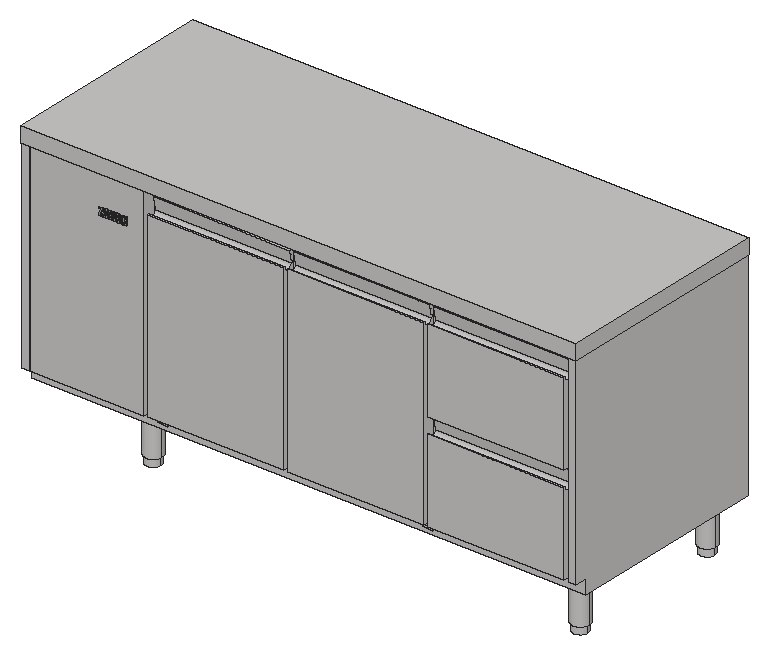
Revit family "QF_ZANUSSI_111041_ZH3HBAAB", category Specialty Equipment, Revit 2018 (continued)
Definition of nested family "ZAN_Cooling Unit"
  Lines and regions (mm)
    Split face 125
      outline origin (55.016, 2, -245.129) x (0, 0, 1) y (-1, 0, 0)
        loop
          arc (510.649, 158.547) -> (506.648, 162.548) -> (502.647, 158.547) r 4.001
          line (502.647, 158.547) -> (502.647, 116.535)
          arc (502.647, 116.535) -> (506.648, 112.533) -> (510.649, 116.535) r 4.001
          line (510.649, 116.535) -> (510.649, 158.547)
    Split face 126
      outline origin (55.016, 2, -257.133) x (0, 0, 1) y (-1, 0, 0)
        loop
          arc (510.649, 158.547) -> (506.648, 162.548) -> (502.647, 158.547) r 4.001
          line (502.647, 158.547) -> (502.647, 116.535)
          arc (502.647, 116.535) -> (506.648, 112.533) -> (510.649, 116.535) r 4.001
          line (510.649, 116.535) -> (510.649, 158.547)
    Split face 127
      outline origin (55.016, 2, -269.136) x (0, 0, 1) y (-1, 0, 0)
        loop
          arc (510.649, 158.547) -> (506.648, 162.548) -> (502.647, 158.547) r 4.001
          line (502.647, 158.547) -> (502.647, 116.535)
          arc (502.647, 116.535) -> (506.648, 112.533) -> (510.649, 116.535) r 4.001
          line (510.649, 116.535) -> (510.649, 158.547)
    Split face 128
      outline origin (55.016, 2, -281.14) x (0, 0, 1) y (-1, 0, 0)
        loop
          arc (510.649, 158.547) -> (506.648, 162.548) -> (502.647, 158.547) r 4.001
          line (502.647, 158.547) -> (502.647, 116.535)
          arc (502.647, 116.535) -> (506.648, 112.533) -> (510.649, 116.535) r 4.001
          line (510.649, 116.535) -> (510.649, 158.547)
    Split face 129
      outline origin (55.016, 2, -293.144) x (0, 0, 1) y (-1, 0, 0)
        loop
          arc (510.649, 158.547) -> (506.648, 162.548) -> (502.647, 158.547) r 4.001
          line (502.647, 158.547) -> (502.647, 116.535)
          arc (502.647, 116.535) -> (506.648, 112.533) -> (510.649, 116.535) r 4.001
          line (510.649, 116.535) -> (510.649, 158.547)
    Split face 130
      outline origin (110.032, 2, -113.091) x (0, 0, 1) y (-1, 0, 0)
        loop
          arc (510.649, 158.547) -> (506.648, 162.548) -> (502.647, 158.547) r 4.001
          line (502.647, 158.547) -> (502.647, 116.535)
          arc (502.647, 116.535) -> (506.648, 112.533) -> (510.649, 116.535) r 4.001
          line (510.649, 116.535) -> (510.649, 158.547)
    Split face 131
      outline origin (110.032, 2, -125.094) x (0, 0, 1) y (-1, 0, 0)
        loop
          arc (510.649, 158.547) -> (506.648, 162.548) -> (502.647, 158.547) r 4.001
          line (502.647, 158.547) -> (502.647, 116.535)
          arc (502.647, 116.535) -> (506.648, 112.533) -> (510.649, 116.535) r 4.001
          line (510.649, 116.535) -> (510.649, 158.547)
    Split face 132
      outline origin (110.032, 2, -137.098) x (0, 0, 1) y (-1, 0, 0)
        loop
          arc (510.649, 158.547) -> (506.648, 162.548) -> (502.647, 158.547) r 4.001
          line (502.647, 158.547) -> (502.647, 116.535)
          arc (502.647, 116.535) -> (506.648, 112.533) -> (510.649, 116.535) r 4.001
          line (510.649, 116.535) -> (510.649, 158.547)
    Split face 133
      outline origin (110.032, 2, -149.101) x (0, 0, 1) y (-1, 0, 0)
        loop
          arc (510.649, 158.547) -> (506.648, 162.548) -> (502.647, 158.547) r 4.001
          line (502.647, 158.547) -> (502.647, 116.535)
          arc (502.647, 116.535) -> (506.648, 112.533) -> (510.649, 116.535) r 4.001
          line (510.649, 116.535) -> (510.649, 158.547)
    Split face 134
      outline origin (110.032, 2, -161.105) x (0, 0, 1) y (-1, 0, 0)
        loop
          arc (510.649, 158.547) -> (506.648, 162.548) -> (502.647, 158.547) r 4.001
          line (502.647, 158.547) -> (502.647, 116.535)
          arc (502.647, 116.535) -> (506.648, 112.533) -> (510.649, 116.535) r 4.001
          line (510.649, 116.535) -> (510.649, 158.547)
    Split face 135
      outline origin (110.032, 2, -173.108) x (0, 0, 1) y (-1, 0, 0)
        loop
          arc (510.649, 158.547) -> (506.648, 162.548) -> (502.647, 158.547) r 4.001
          line (502.647, 158.547) -> (502.647, 116.535)
          arc (502.647, 116.535) -> (506.648, 112.533) -> (510.649, 116.535) r 4.001
          line (510.649, 116.535) -> (510.649, 158.547)
    Split face 136
      outline origin (110.032, 2, -185.112) x (0, 0, 1) y (-1, 0, 0)
        loop
          arc (510.649, 158.547) -> (506.648, 162.548) -> (502.647, 158.547) r 4.001
          line (502.647, 158.547) -> (502.647, 116.535)
          arc (502.647, 116.535) -> (506.648, 112.533) -> (510.649, 116.535) r 4.001
          line (510.649, 116.535) -> (510.649, 158.547)
    Split face 137
      outline origin (110.032, 2, -197.115) x (0, 0, 1) y (-1, 0, 0)
        loop
          arc (510.649, 158.547) -> (506.648, 162.548) -> (502.647, 158.547) r 4.001
          line (502.647, 158.547) -> (502.647, 116.535)
          arc (502.647, 116.535) -> (506.648, 112.533) -> (510.649, 116.535) r 4.001
          line (510.649, 116.535) -> (510.649, 158.547)
    Split face 138
      outline origin (110.032, 2, -209.119) x (0, 0, 1) y (-1, 0, 0)
        loop
          arc (510.649, 158.547) -> (506.648, 162.548) -> (502.647, 158.547) r 4.001
          line (502.647, 158.547) -> (502.647, 116.535)
          arc (502.647, 116.535) -> (506.648, 112.533) -> (510.649, 116.535) r 4.001
          line (510.649, 116.535) -> (510.649, 158.547)
    Split face 139
      outline origin (110.032, 2, -221.122) x (0, 0, 1) y (-1, 0, 0)
        loop
          arc (510.649, 158.547) -> (506.648, 162.548) -> (502.647, 158.547) r 4.001
          line (502.647, 158.547) -> (502.647, 116.535)
          arc (502.647, 116.535) -> (506.648, 112.533) -> (510.649, 116.535) r 4.001
          line (510.649, 116.535) -> (510.649, 158.547)
    Split face 140
      outline origin (110.032, 2, -233.126) x (0, 0, 1) y (-1, 0, 0)
        loop
          arc (510.649, 158.547) -> (506.648, 162.548) -> (502.647, 158.547) r 4.001
          line (502.647, 158.547) -> (502.647, 116.535)
          arc (502.647, 116.535) -> (506.648, 112.533) -> (510.649, 116.535) r 4.001
          line (510.649, 116.535) -> (510.649, 158.547)
    Split face 141
      outline origin (110.032, 2, -245.129) x (0, 0, 1) y (-1, 0, 0)
        loop
          arc (510.649, 158.547) -> (506.648, 162.548) -> (502.647, 158.547) r 4.001
          line (502.647, 158.547) -> (502.647, 116.535)
          arc (502.647, 116.535) -> (506.648, 112.533) -> (510.649, 116.535) r 4.001
          line (510.649, 116.535) -> (510.649, 158.547)
    Split face 142
      outline origin (110.032, 2, -257.133) x (0, 0, 1) y (-1, 0, 0)
        loop
          arc (510.649, 158.547) -> (506.648, 162.548) -> (502.647, 158.547) r 4.001
          line (502.647, 158.547) -> (502.647, 116.535)
          arc (502.647, 116.535) -> (506.648, 112.533) -> (510.649, 116.535) r 4.001
          line (510.649, 116.535) -> (510.649, 158.547)
    Split face 143
      outline origin (110.032, 2, -269.136) x (0, 0, 1) y (-1, 0, 0)
        loop
          arc (510.649, 158.547) -> (506.648, 162.548) -> (502.647, 158.547) r 4.001
          line (502.647, 158.547) -> (502.647, 116.535)
          arc (502.647, 116.535) -> (506.648, 112.533) -> (510.649, 116.535) r 4.001
          line (510.649, 116.535) -> (510.649, 158.547)
    Split face 144
      outline origin (110.032, 2, -281.14) x (0, 0, 1) y (-1, 0, 0)
        loop
          arc (510.649, 158.547) -> (506.648, 162.548) -> (502.647, 158.547) r 4.001
          line (502.647, 158.547) -> (502.647, 116.535)
          arc (502.647, 116.535) -> (506.648, 112.533) -> (510.649, 116.535) r 4.001
          line (510.649, 116.535) -> (510.649, 158.547)
    Split face 145
      outline origin (110.032, 2, -293.144) x (0, 0, 1) y (-1, 0, 0)
        loop
          arc (510.649, 158.547) -> (506.648, 162.548) -> (502.647, 158.547) r 4.001
          line (502.647, 158.547) -> (502.647, 116.535)
          arc (502.647, 116.535) -> (506.648, 112.533) -> (510.649, 116.535) r 4.001
          line (510.649, 116.535) -> (510.649, 158.547)
    Split face 146
      outline origin (165.048, 2, -113.091) x (0, 0, 1) y (-1, 0, 0)
        loop
          arc (510.649, 158.547) -> (506.648, 162.548) -> (502.647, 158.547) r 4.001
          line (502.647, 158.547) -> (502.647, 116.535)
          arc (502.647, 116.535) -> (506.648, 112.533) -> (510.649, 116.535) r 4.001
          line (510.649, 116.535) -> (510.649, 158.547)
    Split face 147
      outline origin (165.048, 2, -125.094) x (0, 0, 1) y (-1, 0, 0)
        loop
          arc (510.649, 158.547) -> (506.648, 162.548) -> (502.647, 158.547) r 4.001
          line (502.647, 158.547) -> (502.647, 116.535)
          arc (502.647, 116.535) -> (506.648, 112.533) -> (510.649, 116.535) r 4.001
          line (510.649, 116.535) -> (510.649, 158.547)
    Split face 148
      outline origin (165.048, 2, -137.098) x (0, 0, 1) y (-1, 0, 0)
        loop
          arc (510.649, 158.547) -> (506.648, 162.548) -> (502.647, 158.547) r 4.001
          line (502.647, 158.547) -> (502.647, 116.535)
          arc (502.647, 116.535) -> (506.648, 112.533) -> (510.649, 116.535) r 4.001
          line (510.649, 116.535) -> (510.649, 158.547)
    Split face 149
      outline origin (165.048, 2, -149.101) x (0, 0, 1) y (-1, 0, 0)
        loop
          arc (510.649, 158.547) -> (506.648, 162.548) -> (502.647, 158.547) r 4.001
          line (502.647, 158.547) -> (502.647, 116.535)
          arc (502.647, 116.535) -> (506.648, 112.533) -> (510.649, 116.535) r 4.001
          line (510.649, 116.535) -> (510.649, 158.547)
    Split face 150
      outline origin (165.048, 2, -161.105) x (0, 0, 1) y (-1, 0, 0)
        loop
          arc (510.649, 158.547) -> (506.648, 162.548) -> (502.647, 158.547) r 4.001
          line (502.647, 158.547) -> (502.647, 116.535)
          arc (502.647, 116.535) -> (506.648, 112.533) -> (510.649, 116.535) r 4.001
          line (510.649, 116.535) -> (510.649, 158.547)
    Split face 151
      outline origin (165.048, 2, -173.108) x (0, 0, 1) y (-1, 0, 0)
        loop
          arc (510.649, 158.547) -> (506.648, 162.548) -> (502.647, 158.547) r 4.001
          line (502.647, 158.547) -> (502.647, 116.535)
          arc (502.647, 116.535) -> (506.648, 112.533) -> (510.649, 116.535) r 4.001
          line (510.649, 116.535) -> (510.649, 158.547)
    Split face 152
      outline origin (165.048, 2, -185.112) x (0, 0, 1) y (-1, 0, 0)
        loop
          arc (510.649, 158.547) -> (506.648, 162.548) -> (502.647, 158.547) r 4.001
          line (502.647, 158.547) -> (502.647, 116.535)
          arc (502.647, 116.535) -> (506.648, 112.533) -> (510.649, 116.535) r 4.001
          line (510.649, 116.535) -> (510.649, 158.547)
    Split face 153
      outline origin (165.048, 2, -197.115) x (0, 0, 1) y (-1, 0, 0)
        loop
          arc (510.649, 158.547) -> (506.648, 162.548) -> (502.647, 158.547) r 4.001
          line (502.647, 158.547) -> (502.647, 116.535)
          arc (502.647, 116.535) -> (506.648, 112.533) -> (510.649, 116.535) r 4.001
          line (510.649, 116.535) -> (510.649, 158.547)
    Split face 154
      outline origin (165.048, 2, -209.119) x (0, 0, 1) y (-1, 0, 0)
        loop
          arc (510.649, 158.547) -> (506.648, 162.548) -> (502.647, 158.547) r 4.001
          line (502.647, 158.547) -> (502.647, 116.535)
          arc (502.647, 116.535) -> (506.648, 112.533) -> (510.649, 116.535) r 4.001
          line (510.649, 116.535) -> (510.649, 158.547)
    Split face 155
      outline origin (165.048, 2, -221.122) x (0, 0, 1) y (-1, 0, 0)
        loop
          arc (510.649, 158.547) -> (506.648, 162.548) -> (502.647, 158.547) r 4.001
          line (502.647, 158.547) -> (502.647, 116.535)
          arc (502.647, 116.535) -> (506.648, 112.533) -> (510.649, 116.535) r 4.001
          line (510.649, 116.535) -> (510.649, 158.547)
    Split face 156
      outline origin (165.048, 2, -233.126) x (0, 0, 1) y (-1, 0, 0)
        loop
          arc (510.649, 158.547) -> (506.648, 162.548) -> (502.647, 158.547) r 4.001
          line (502.647, 158.547) -> (502.647, 116.535)
          arc (502.647, 116.535) -> (506.648, 112.533) -> (510.649, 116.535) r 4.001
          line (510.649, 116.535) -> (510.649, 158.547)
    Split face 157
      outline origin (165.048, 2, -245.129) x (0, 0, 1) y (-1, 0, 0)
        loop
          arc (510.649, 158.547) -> (506.648, 162.548) -> (502.647, 158.547) r 4.001
          line (502.647, 158.547) -> (502.647, 116.535)
          arc (502.647, 116.535) -> (506.648, 112.533) -> (510.649, 116.535) r 4.001
          line (510.649, 116.535) -> (510.649, 158.547)
    Split face 158
      outline origin (165.048, 2, -257.133) x (0, 0, 1) y (-1, 0, 0)
        loop
          arc (510.649, 158.547) -> (506.648, 162.548) -> (502.647, 158.547) r 4.001
          line (502.647, 158.547) -> (502.647, 116.535)
          arc (502.647, 116.535) -> (506.648, 112.533) -> (510.649, 116.535) r 4.001
          line (510.649, 116.535) -> (510.649, 158.547)
    Split face 159
      outline origin (165.048, 2, -269.136) x (0, 0, 1) y (-1, 0, 0)
        loop
          arc (510.649, 158.547) -> (506.648, 162.548) -> (502.647, 158.547) r 4.001
          line (502.647, 158.547) -> (502.647, 116.535)
          arc (502.647, 116.535) -> (506.648, 112.533) -> (510.649, 116.535) r 4.001
          line (510.649, 116.535) -> (510.649, 158.547)
    Split face 160
      outline origin (165.048, 2, -281.14) x (0, 0, 1) y (-1, 0, 0)
        loop
          arc (510.649, 158.547) -> (506.648, 162.548) -> (502.647, 158.547) r 4.001
          line (502.647, 158.547) -> (502.647, 116.535)
          arc (502.647, 116.535) -> (506.648, 112.533) -> (510.649, 116.535) r 4.001
          line (510.649, 116.535) -> (510.649, 158.547)
    Split face 161
      outline origin (165.048, 2, -293.144) x (0, 0, 1) y (-1, 0, 0)
        loop
          arc (510.649, 158.547) -> (506.648, 162.548) -> (502.647, 158.547) r 4.001
          line (502.647, 158.547) -> (502.647, 116.535)
          arc (502.647, 116.535) -> (506.648, 112.533) -> (510.649, 116.535) r 4.001
          line (510.649, 116.535) -> (510.649, 158.547)
    Split face 162
      outline origin (220.064, 2, -113.091) x (0, 0, 1) y (-1, 0, 0)
        loop
          arc (510.649, 158.547) -> (506.648, 162.548) -> (502.647, 158.547) r 4.001
          line (502.647, 158.547) -> (502.647, 116.535)
          arc (502.647, 116.535) -> (506.648, 112.533) -> (510.649, 116.535) r 4.001
          line (510.649, 116.535) -> (510.649, 158.547)
    Split face 163
      outline origin (220.064, 2, -125.094) x (0, 0, 1) y (-1, 0, 0)
        loop
          arc (510.649, 158.547) -> (506.648, 162.548) -> (502.647, 158.547) r 4.001
          line (502.647, 158.547) -> (502.647, 116.535)
          arc (502.647, 116.535) -> (506.648, 112.533) -> (510.649, 116.535) r 4.001
          line (510.649, 116.535) -> (510.649, 158.547)
    Split face 164
      outline origin (220.064, 2, -137.098) x (0, 0, 1) y (-1, 0, 0)
        loop
          arc (510.649, 158.547) -> (506.648, 162.548) -> (502.647, 158.547) r 4.001
          line (502.647, 158.547) -> (502.647, 116.535)
          arc (502.647, 116.535) -> (506.648, 112.533) -> (510.649, 116.535) r 4.001
          line (510.649, 116.535) -> (510.649, 158.547)
    Split face 165
      outline origin (220.064, 2, -149.101) x (0, 0, 1) y (-1, 0, 0)
        loop
          arc (510.649, 158.547) -> (506.648, 162.548) -> (502.647, 158.547) r 4.001
          line (502.647, 158.547) -> (502.647, 116.535)
          arc (502.647, 116.535) -> (506.648, 112.533) -> (510.649, 116.535) r 4.001
          line (510.649, 116.535) -> (510.649, 158.547)
    Split face 166
      outline origin (220.064, 2, -161.105) x (0, 0, 1) y (-1, 0, 0)
        loop
          arc (510.649, 158.547) -> (506.648, 162.548) -> (502.647, 158.547) r 4.001
          line (502.647, 158.547) -> (502.647, 116.535)
          arc (502.647, 116.535) -> (506.648, 112.533) -> (510.649, 116.535) r 4.001
          line (510.649, 116.535) -> (510.649, 158.547)
    Split face 167
      outline origin (220.064, 2, -173.108) x (0, 0, 1) y (-1, 0, 0)
        loop
          arc (510.649, 158.547) -> (506.648, 162.548) -> (502.647, 158.547) r 4.001
          line (502.647, 158.547) -> (502.647, 116.535)
          arc (502.647, 116.535) -> (506.648, 112.533) -> (510.649, 116.535) r 4.001
          line (510.649, 116.535) -> (510.649, 158.547)
    Split face 168
      outline origin (220.064, 2, -185.112) x (0, 0, 1) y (-1, 0, 0)
        loop
          arc (510.649, 158.547) -> (506.648, 162.548) -> (502.647, 158.547) r 4.001
          line (502.647, 158.547) -> (502.647, 116.535)
          arc (502.647, 116.535) -> (506.648, 112.533) -> (510.649, 116.535) r 4.001
          line (510.649, 116.535) -> (510.649, 158.547)
    Split face 169
      outline origin (220.064, 2, -197.115) x (0, 0, 1) y (-1, 0, 0)
        loop
          arc (510.649, 158.547) -> (506.648, 162.548) -> (502.647, 158.547) r 4.001
          line (502.647, 158.547) -> (502.647, 116.535)
          arc (502.647, 116.535) -> (506.648, 112.533) -> (510.649, 116.535) r 4.001
          line (510.649, 116.535) -> (510.649, 158.547)
    Split face 170
      outline origin (220.064, 2, -209.119) x (0, 0, 1) y (-1, 0, 0)
        loop
          arc (510.649, 158.547) -> (506.648, 162.548) -> (502.647, 158.547) r 4.001
          line (502.647, 158.547) -> (502.647, 116.535)
          arc (502.647, 116.535) -> (506.648, 112.533) -> (510.649, 116.535) r 4.001
          line (510.649, 116.535) -> (510.649, 158.547)
    Split face 171
      outline origin (220.064, 2, -221.122) x (0, 0, 1) y (-1, 0, 0)
        loop
          arc (510.649, 158.547) -> (506.648, 162.548) -> (502.647, 158.547) r 4.001
          line (502.647, 158.547) -> (502.647, 116.535)
          arc (502.647, 116.535) -> (506.648, 112.533) -> (510.649, 116.535) r 4.001
          line (510.649, 116.535) -> (510.649, 158.547)
    Split face 172
      outline origin (220.064, 2, -233.126) x (0, 0, 1) y (-1, 0, 0)
        loop
          arc (510.649, 158.547) -> (506.648, 162.548) -> (502.647, 158.547) r 4.001
          line (502.647, 158.547) -> (502.647, 116.535)
          arc (502.647, 116.535) -> (506.648, 112.533) -> (510.649, 116.535) r 4.001
          line (510.649, 116.535) -> (510.649, 158.547)
    Split face 173
      outline origin (220.064, 2, -245.129) x (0, 0, 1) y (-1, 0, 0)
        loop
          arc (510.649, 158.547) -> (506.648, 162.548) -> (502.647, 158.547) r 4.001
          line (502.647, 158.547) -> (502.647, 116.535)
          arc (502.647, 116.535) -> (506.648, 112.533) -> (510.649, 116.535) r 4.001
          line (510.649, 116.535) -> (510.649, 158.547)
    Split face 174
      outline origin (220.064, 2, -257.133) x (0, 0, 1) y (-1, 0, 0)
        loop
          arc (510.649, 158.547) -> (506.648, 162.548) -> (502.647, 158.547) r 4.001
          line (502.647, 158.547) -> (502.647, 116.535)
          arc (502.647, 116.535) -> (506.648, 112.533) -> (510.649, 116.535) r 4.001
          line (510.649, 116.535) -> (510.649, 158.547)
    Split face 175
      outline origin (220.064, 2, -269.136) x (0, 0, 1) y (-1, 0, 0)
        loop
          arc (510.649, 158.547) -> (506.648, 162.548) -> (502.647, 158.547) r 4.001
          line (502.647, 158.547) -> (502.647, 116.535)
          arc (502.647, 116.535) -> (506.648, 112.533) -> (510.649, 116.535) r 4.001
          line (510.649, 116.535) -> (510.649, 158.547)
    Split face 176
      outline origin (220.064, 2, -281.14) x (0, 0, 1) y (-1, 0, 0)
        loop
          arc (510.649, 158.547) -> (506.648, 162.548) -> (502.647, 158.547) r 4.001
          line (502.647, 158.547) -> (502.647, 116.535)
          arc (502.647, 116.535) -> (506.648, 112.533) -> (510.649, 116.535) r 4.001
          line (510.649, 116.535) -> (510.649, 158.547)
    Split face 177
      outline origin (220.064, 2, -293.144) x (0, 0, 1) y (-1, 0, 0)
        loop
          arc (510.649, 158.547) -> (506.648, 162.548) -> (502.647, 158.547) r 4.001
          line (502.647, 158.547) -> (502.647, 116.535)
          arc (502.647, 116.535) -> (506.648, 112.533) -> (510.649, 116.535) r 4.001
          line (510.649, 116.535) -> (510.649, 158.547)
    Split face 178
      outline origin (275.081, 2, -113.091) x (0, 0, 1) y (-1, 0, 0)
        loop
          arc (510.649, 158.547) -> (506.648, 162.548) -> (502.647, 158.547) r 4.001
          line (502.647, 158.547) -> (502.647, 116.535)
          arc (502.647, 116.535) -> (506.648, 112.533) -> (510.649, 116.535) r 4.001
          line (510.649, 116.535) -> (510.649, 158.547)
    Split face 179
      outline origin (275.081, 2, -125.094) x (0, 0, 1) y (-1, 0, 0)
        loop
          arc (510.649, 158.547) -> (506.648, 162.548) -> (502.647, 158.547) r 4.001
          line (502.647, 158.547) -> (502.647, 116.535)
          arc (502.647, 116.535) -> (506.648, 112.533) -> (510.649, 116.535) r 4.001
          line (510.649, 116.535) -> (510.649, 158.547)
    Split face 180
      outline origin (275.081, 2, -137.098) x (0, 0, 1) y (-1, 0, 0)
        loop
          arc (510.649, 158.547) -> (506.648, 162.548) -> (502.647, 158.547) r 4.001
          line (502.647, 158.547) -> (502.647, 116.535)
          arc (502.647, 116.535) -> (506.648, 112.533) -> (510.649, 116.535) r 4.001
          line (510.649, 116.535) -> (510.649, 158.547)
    Split face 181
      outline origin (275.081, 2, -149.101) x (0, 0, 1) y (-1, 0, 0)
        loop
          arc (510.649, 158.547) -> (506.648, 162.548) -> (502.647, 158.547) r 4.001
          line (502.647, 158.547) -> (502.647, 116.535)
          arc (502.647, 116.535) -> (506.648, 112.533) -> (510.649, 116.535) r 4.001
          line (510.649, 116.535) -> (510.649, 158.547)
    Split face 182
      outline origin (275.081, 2, -161.105) x (0, 0, 1) y (-1, 0, 0)
        loop
          arc (510.649, 158.547) -> (506.648, 162.548) -> (502.647, 158.547) r 4.001
          line (502.647, 158.547) -> (502.647, 116.535)
          arc (502.647, 116.535) -> (506.648, 112.533) -> (510.649, 116.535) r 4.001
          line (510.649, 116.535) -> (510.649, 158.547)
    Split face 183
      outline origin (275.081, 2, -173.108) x (0, 0, 1) y (-1, 0, 0)
        loop
          arc (510.649, 158.547) -> (506.648, 162.548) -> (502.647, 158.547) r 4.001
          line (502.647, 158.547) -> (502.647, 116.535)
          arc (502.647, 116.535) -> (506.648, 112.533) -> (510.649, 116.535) r 4.001
          line (510.649, 116.535) -> (510.649, 158.547)
    Split face 184
      outline origin (275.081, 2, -185.112) x (0, 0, 1) y (-1, 0, 0)
        loop
          arc (510.649, 158.547) -> (506.648, 162.548) -> (502.647, 158.547) r 4.001
          line (502.647, 158.547) -> (502.647, 116.535)
          arc (502.647, 116.535) -> (506.648, 112.533) -> (510.649, 116.535) r 4.001
          line (510.649, 116.535) -> (510.649, 158.547)
    Split face 185
      outline origin (275.081, 2, -197.115) x (0, 0, 1) y (-1, 0, 0)
        loop
          arc (510.649, 158.547) -> (506.648, 162.548) -> (502.647, 158.547) r 4.001
          line (502.647, 158.547) -> (502.647, 116.535)
          arc (502.647, 116.535) -> (506.648, 112.533) -> (510.649, 116.535) r 4.001
          line (510.649, 116.535) -> (510.649, 158.547)
    Split face 186
      outline origin (275.081, 2, -209.119) x (0, 0, 1) y (-1, 0, 0)
        loop
          arc (510.649, 158.547) -> (506.648, 162.548) -> (502.647, 158.547) r 4.001
          line (502.647, 158.547) -> (502.647, 116.535)
          arc (502.647, 116.535) -> (506.648, 112.533) -> (510.649, 116.535) r 4.001
          line (510.649, 116.535) -> (510.649, 158.547)
    Split face 187
      outline origin (275.081, 2, -221.122) x (0, 0, 1) y (-1, 0, 0)
        loop
          arc (510.649, 158.547) -> (506.648, 162.548) -> (502.647, 158.547) r 4.001
          line (502.647, 158.547) -> (502.647, 116.535)
          arc (502.647, 116.535) -> (506.648, 112.533) -> (510.649, 116.535) r 4.001
          line (510.649, 116.535) -> (510.649, 158.547)
    Split face 188
      outline origin (275.081, 2, -233.126) x (0, 0, 1) y (-1, 0, 0)
        loop
          arc (510.649, 158.547) -> (506.648, 162.548) -> (502.647, 158.547) r 4.001
          line (502.647, 158.547) -> (502.647, 116.535)
          arc (502.647, 116.535) -> (506.648, 112.533) -> (510.649, 116.535) r 4.001
          line (510.649, 116.535) -> (510.649, 158.547)
    Split face 189
      outline origin (275.081, 2, -245.129) x (0, 0, 1) y (-1, 0, 0)
        loop
          arc (510.649, 158.547) -> (506.648, 162.548) -> (502.647, 158.547) r 4.001
          line (502.647, 158.547) -> (502.647, 116.535)
          arc (502.647, 116.535) -> (506.648, 112.533) -> (510.649, 116.535) r 4.001
          line (510.649, 116.535) -> (510.649, 158.547)
    Split face 190
      outline origin (275.081, 2, -257.133) x (0, 0, 1) y (-1, 0, 0)
        loop
          arc (510.649, 158.547) -> (506.648, 162.548) -> (502.647, 158.547) r 4.001
          line (502.647, 158.547) -> (502.647, 116.535)
          arc (502.647, 116.535) -> (506.648, 112.533) -> (510.649, 116.535) r 4.001
          line (510.649, 116.535) -> (510.649, 158.547)
    Split face 191
      outline origin (275.081, 2, -269.136) x (0, 0, 1) y (-1, 0, 0)
        loop
          arc (510.649, 158.547) -> (506.648, 162.548) -> (502.647, 158.547) r 4.001
          line (502.647, 158.547) -> (502.647, 116.535)
          arc (502.647, 116.535) -> (506.648, 112.533) -> (510.649, 116.535) r 4.001
          line (510.649, 116.535) -> (510.649, 158.547)
    Split face 192
      outline origin (275.081, 2, -281.14) x (0, 0, 1) y (-1, 0, 0)
        loop
          arc (510.649, 158.547) -> (506.648, 162.548) -> (502.647, 158.547) r 4.001
          line (502.647, 158.547) -> (502.647, 116.535)
          arc (502.647, 116.535) -> (506.648, 112.533) -> (510.649, 116.535) r 4.001
          line (510.649, 116.535) -> (510.649, 158.547)
    Split face 193
      outline origin (275.081, 2, -293.144) x (0, 0, 1) y (-1, 0, 0)
        loop
          arc (510.649, 158.547) -> (506.648, 162.548) -> (502.647, 158.547) r 4.001
          line (502.647, 158.547) -> (502.647, 116.535)
          arc (502.647, 116.535) -> (506.648, 112.533) -> (510.649, 116.535) r 4.001
          line (510.649, 116.535) -> (510.649, 158.547)
    Split face 194
      outline origin (0, 2, 197) x (0, 0, 1) y (-1, 0, 0)
        loop
          spline (566.835, 20.381) -> (564.628, 19.058) -> (561.987, 18.027) -> (558.955, 17.386) -> (555.581, 17.244) -> (551.912, 17.703) -> (547.993, 18.863) -> (543.871, 20.83) -> (539.591, 23.706) -> (535.202, 27.594) -> (530.748, 32.597) -> (526.28, 38.824) -> (521.835, 46.362)
        loop
          spline (521.835, 58.392) -> (525.386, 49.242) -> (529.197, 41.481) -> (533.2, 35.023) -> (537.329, 29.786) -> (541.516, 25.684) -> (545.695, 22.634) -> (549.798, 20.552) -> (553.759, 19.355) -> (557.511, 18.958) -> (560.984, 19.275) -> (564.115, 20.227) -> (566.835, 21.726)
    Split face 195
      outline origin (0, 2, 197) x (0, 0, 1) y (-1, 0, 0)
        loop
          line (555.835, 149.5) -> (532.835, 149.5) -> (532.835, 94.5) -> (555.835, 94.5) -> (555.835, 149.5)
  Dimensions and locks
    aligned and locked: level to plane 2
  Nested families
    nested 1: "ZAN_Logo_S_Grey" at (85, 2, 741.213) x (1, 0, 0) z (0, -1, 0), visible <- "Show Logo", type "ZAN_Logo_S_Grey"
  Definition of nested family "ZAN_Logo_S_Grey"
    Parameters
      Default Elevation = 0 mm
    Reference planes
      plane 1 "Centro (Fronte/Retro)": y = 0
      plane 2: z = 0
      plane 3 "Centro (Sinistra/Destra)": x = 0
    Forms (mm)
      Extrusion 1, solid
        sketch origin (0, 0, 0) x (1, 0, 0) y (0, 1, 0)
          loop
            line (-1219.2, 1219.2) -> (-1219.2, -1219.2) -> (1219.2, -1219.2) -> (1219.2, 1219.2) -> (-1219.2, 1219.2)
        from 0 to -304.8
      Extrusion 2, solid
        sketch origin (17.793, -46.218, 0) x (-1, 0, 0) y (0, -1, 0)
          loop
            spline (-4.176, -58.079) -> (-3.496, -58.328) -> (-2.793, -58.512) -> (-2.075, -58.63) -> (-1.348, -58.682) -> (-0.619, -58.669) -> (0.106, -58.588) -> (0.818, -58.44) -> (1.512, -58.225) -> (2.18, -57.941) -> (2.817, -57.589) -> (3.414, -57.167) -> (3.966, -56.676)
            spline (3.966, -56.676) -> (4.293, -56.162) -> (4.575, -55.61) -> (4.81, -55.026) -> (5, -54.419) -> (5.146, -53.797) -> (5.247, -53.166) -> (5.304, -52.536) -> (5.318, -51.913) -> (5.288, -51.306) -> (5.217, -50.723) -> (5.103, -50.17) -> (4.949, -49.657)
            line (4.949, -49.657) -> (2.702, -46.428) -> (0.316, -44.323)
            spline (0.316, -44.323) -> (0.065, -44.115) -> (-0.195, -43.909) -> (-0.46, -43.704) -> (-0.729, -43.496) -> (-0.997, -43.282) -> (-1.263, -43.059) -> (-1.523, -42.825) -> (-1.774, -42.576) -> (-2.013, -42.309) -> (-2.238, -42.022) -> (-2.445, -41.712) -> (-2.632, -41.375)
            spline (-2.632, -41.375) -> (-2.666, -41.159) -> (-2.697, -40.934) -> (-2.722, -40.701) -> (-2.736, -40.465) -> (-2.736, -40.227) -> (-2.72, -39.989) -> (-2.682, -39.754) -> (-2.621, -39.524) -> (-2.533, -39.302) -> (-2.414, -39.091) -> (-2.261, -38.892) -> (-2.07, -38.708)
            line (-2.07, -38.708) -> (-0.245, -38.567)
            spline (-0.245, -38.567) -> (0.096, -38.8) -> (0.354, -39.074) -> (0.54, -39.381) -> (0.664, -39.716) -> (0.738, -40.073) -> (0.772, -40.445) -> (0.777, -40.825) -> (0.763, -41.208) -> (0.742, -41.588) -> (0.723, -41.957) -> (0.718, -42.309) -> (0.737, -42.638)
            line (0.737, -42.638) -> (5.65, -42.638)
            spline (5.65, -42.638) -> (5.708, -42.042) -> (5.741, -41.448) -> (5.747, -40.857) -> (5.723, -40.273) -> (5.668, -39.696) -> (5.58, -39.129) -> (5.457, -38.574) -> (5.297, -38.032) -> (5.098, -37.506) -> (4.857, -36.997) -> (4.574, -36.508) -> (4.247, -36.041)
            spline (4.247, -36.041) -> (3.844, -35.675) -> (3.409, -35.35) -> (2.946, -35.065) -> (2.458, -34.819) -> (1.949, -34.612) -> (1.421, -34.444) -> (0.88, -34.314) -> (0.326, -34.221) -> (-0.234, -34.165) -> (-0.8, -34.146) -> (-1.366, -34.163) -> (-1.93, -34.216)
            spline (-1.93, -34.216) -> (-2.526, -34.309) -> (-3.116, -34.448) -> (-3.695, -34.633) -> (-4.259, -34.861) -> (-4.801, -35.131) -> (-5.316, -35.444) -> (-5.799, -35.798) -> (-6.245, -36.191) -> (-6.648, -36.624) -> (-7.002, -37.095) -> (-7.303, -37.603) -> (-7.545, -38.146)
            spline (-7.545, -38.146) -> (-7.694, -38.815) -> (-7.792, -39.487) -> (-7.839, -40.158) -> (-7.836, -40.824) -> (-7.785, -41.482) -> (-7.685, -42.129) -> (-7.539, -42.762) -> (-7.347, -43.377) -> (-7.111, -43.97) -> (-6.83, -44.538) -> (-6.506, -45.078) -> (-6.141, -45.586)
            line (-6.141, -45.586) -> (-0.526, -50.64) -> (0.176, -51.482)
            spline (0.176, -51.482) -> (0.248, -51.66) -> (0.323, -51.843) -> (0.397, -52.03) -> (0.467, -52.22) -> (0.529, -52.412) -> (0.579, -52.605) -> (0.615, -52.798) -> (0.633, -52.989) -> (0.63, -53.179) -> (0.601, -53.366) -> (0.545, -53.55) -> (0.456, -53.728)
            spline (0.456, -53.728) -> (0.375, -53.892) -> (0.273, -54.034) -> (0.154, -54.155) -> (0.02, -54.258) -> (-0.126, -54.343) -> (-0.28, -54.412) -> (-0.441, -54.466) -> (-0.604, -54.508) -> (-0.767, -54.537) -> (-0.928, -54.556) -> (-1.082, -54.567) -> (-1.228, -54.57)
            line (-1.228, -54.57) -> (-2.632, -53.587) -> (-2.772, -50.64) -> (-7.405, -50.64)
            spline (-7.405, -50.64) -> (-7.41, -51.031) -> (-7.423, -51.432) -> (-7.44, -51.839) -> (-7.456, -52.251) -> (-7.469, -52.665) -> (-7.475, -53.079) -> (-7.468, -53.489) -> (-7.446, -53.894) -> (-7.404, -54.291) -> (-7.339, -54.679) -> (-7.247, -55.053) -> (-7.123, -55.412)
            spline (-7.123, -55.412) -> (-6.999, -55.693) -> (-6.837, -55.97) -> (-6.643, -56.244) -> (-6.422, -56.509) -> (-6.177, -56.765) -> (-5.913, -57.009) -> (-5.634, -57.238) -> (-5.346, -57.45) -> (-5.051, -57.643) -> (-4.755, -57.814) -> (-4.462, -57.96) -> (-4.176, -58.079)
          loop
            spline (-21.021, -55.552) -> (-20.633, -56.181) -> (-20.177, -56.736) -> (-19.661, -57.217) -> (-19.092, -57.627) -> (-18.478, -57.966) -> (-17.827, -58.237) -> (-17.147, -58.441) -> (-16.446, -58.578) -> (-15.73, -58.652) -> (-15.009, -58.662) -> (-14.29, -58.611) -> (-13.581, -58.5)
            spline (-13.581, -58.5) -> (-13.088, -58.407) -> (-12.595, -58.269) -> (-12.109, -58.088) -> (-11.636, -57.866) -> (-11.183, -57.605) -> (-10.756, -57.307) -> (-10.361, -56.974) -> (-10.004, -56.608) -> (-9.692, -56.211) -> (-9.431, -55.784) -> (-9.228, -55.33) -> (-9.089, -54.851)
            spline (-9.089, -54.851) -> (-8.873, -54.211) -> (-8.715, -53.559) -> (-8.615, -52.901) -> (-8.574, -52.241) -> (-8.592, -51.585) -> (-8.668, -50.938) -> (-8.802, -50.306) -> (-8.995, -49.693) -> (-9.247, -49.106) -> (-9.557, -48.55) -> (-9.925, -48.03) -> (-10.352, -47.551)
            line (-10.352, -47.551) -> (-15.546, -42.919) -> (-16.669, -41.234)
            spline (-16.669, -41.234) -> (-16.704, -41.021) -> (-16.735, -40.804) -> (-16.761, -40.583) -> (-16.778, -40.361) -> (-16.784, -40.139) -> (-16.774, -39.919) -> (-16.748, -39.701) -> (-16.7, -39.488) -> (-16.63, -39.28) -> (-16.533, -39.08) -> (-16.406, -38.889) -> (-16.248, -38.708)
            line (-16.248, -38.708) -> (-14.844, -38.427)
            spline (-14.844, -38.427) -> (-14.347, -38.545) -> (-13.969, -38.749) -> (-13.695, -39.028) -> (-13.508, -39.368) -> (-13.393, -39.757) -> (-13.335, -40.182) -> (-13.318, -40.63) -> (-13.326, -41.089) -> (-13.344, -41.546) -> (-13.356, -41.988) -> (-13.347, -42.403) -> (-13.3, -42.779)
            line (-13.3, -42.779) -> (-8.387, -42.638)
            spline (-8.387, -42.638) -> (-8.326, -42.034) -> (-8.288, -41.417) -> (-8.277, -40.794) -> (-8.299, -40.169) -> (-8.357, -39.548) -> (-8.457, -38.936) -> (-8.604, -38.339) -> (-8.803, -37.762) -> (-9.058, -37.21) -> (-9.375, -36.689) -> (-9.758, -36.204) -> (-10.212, -35.76)
            spline (-10.212, -35.76) -> (-10.793, -35.336) -> (-11.409, -34.976) -> (-12.054, -34.679) -> (-12.723, -34.445) -> (-13.409, -34.273) -> (-14.107, -34.163) -> (-14.811, -34.115) -> (-15.515, -34.127) -> (-16.213, -34.2) -> (-16.899, -34.333) -> (-17.568, -34.526) -> (-18.213, -34.777)
            spline (-18.213, -34.777) -> (-18.496, -34.897) -> (-18.783, -35.044) -> (-19.071, -35.216) -> (-19.357, -35.412) -> (-19.639, -35.629) -> (-19.915, -35.865) -> (-20.182, -36.119) -> (-20.438, -36.389) -> (-20.681, -36.672) -> (-20.907, -36.967) -> (-21.115, -37.272) -> (-21.301, -37.585)
            spline (-21.301, -37.585) -> (-21.55, -38.26) -> (-21.734, -38.948) -> (-21.854, -39.647) -> (-21.91, -40.351) -> (-21.901, -41.057) -> (-21.828, -41.761) -> (-21.69, -42.459) -> (-21.489, -43.148) -> (-21.222, -43.823) -> (-20.892, -44.48) -> (-20.497, -45.116) -> (-20.038, -45.726)
            line (-20.038, -45.726) -> (-14.142, -51.061) -> (-13.44, -52.886) -> (-14.002, -54.289) -> (-15.265, -54.57) -> (-16.669, -53.587) -> (-16.81, -50.78) -> (-21.582, -50.64)
            spline (-21.582, -50.64) -> (-21.558, -51.063) -> (-21.55, -51.491) -> (-21.554, -51.92) -> (-21.561, -52.35) -> (-21.567, -52.778) -> (-21.565, -53.201) -> (-21.547, -53.619) -> (-21.509, -54.029) -> (-21.444, -54.43) -> (-21.345, -54.818) -> (-21.206, -55.193) -> (-21.021, -55.552)
          loop
            line (-22.424, -34.216) -> (-27.337, -34.216) -> (-27.337, -58.22) -> (-22.424, -58.22) -> (-22.424, -34.216)
          loop
            line (14.213, -39.971) -> (14.213, -58.22) -> (19.126, -58.22) -> (19.126, -42.077) -> (18.845, -38.146) -> (18.424, -37.164) -> (17.442, -35.9) -> (16.459, -35.199) -> (14.494, -34.356) -> (13.511, -34.216) -> (11.265, -34.216) -> (10.142, -34.497) -> (8.458, -35.479) -> (6.493, -38.287) -> (6.352, -39.269) -> (6.352, -58.22) -> (11.265, -58.22) -> (11.265, -40.392) -> (11.827, -39.129) -> (13.371, -38.988) -> (14.213, -39.971)
          loop
            line (20.249, -58.22) -> (24.741, -58.22) -> (24.741, -42.919) -> (28.812, -58.22) -> (34.006, -58.22) -> (34.006, -34.216) -> (29.654, -34.216) -> (29.654, -50.078) -> (25.583, -34.216) -> (20.249, -34.216) -> (20.249, -58.22)
          loop
            line (50.149, -58.22) -> (62.361, -58.22) -> (62.361, -53.728) -> (55.904, -53.868) -> (62.923, -39.129) -> (62.923, -34.216) -> (50.149, -34.216) -> (50.149, -39.129) -> (57.517, -39.129) -> (50.149, -54.149) -> (50.149, -58.22)
          loop
            line (38.778, -58.22) -> (45.516, -58.22) -> (49.868, -34.216) -> (44.814, -34.216) -> (44.113, -38.848) -> (40.042, -38.848) -> (39.34, -34.216) -> (34.286, -34.216) -> (38.778, -58.22)
          loop
            line (43.551, -43.2) -> (40.744, -43.2) -> (42.147, -54.117) -> (43.551, -43.2)
        from 0 to 1.644
    Dimensions and locks
      aligned and locked: plane 2 to Extrusion 1
      aligned and locked: level to Extrusion 1
Definition of nested family "Refrigerator"
  Reference planes
    plane 1 "Center (Front/Back)": y = 0
    plane 2: z = 0
    plane 3 "Center (Left/Right)": x = 0
  Lines and regions (mm)
    detail lines, in view "Ref. Level"
      curve 1: spline (-500, 190, 0) -> (-493.185, 166.706, 0) -> (-473.205, 145, 0) -> (-441.421, 126.36, 0) -> (-400, 112.058, 0) -> (-351.764, 103.067, 0) -> (-300, 100, 0) -> (-248.236, 103.067, 0) -> (-200, 112.058, 0) -> (-158.579, 126.36, 0) -> (-126.795, 145, 0) -> (-106.815, 166.706, 0) -> (-100, 190, 0) -> (-106.815, 213.294, 0) -> (-126.795, 235, 0) -> (-158.579, 253.64, 0) -> (-200, 267.942, 0) -> (-248.236, 276.933, 0) -> (-300, 280, 0) -> (-351.764, 276.933, 0) -> (-400, 267.942, 0) -> (-441.421, 253.64, 0) -> (-473.205, 235, 0) -> (-493.185, 213.294, 0) -> (-500, 190, 0)
      curve 2: line (-300, 130, 0) -> (-300, 250, 0)
      curve 3: line (-351.962, 220, 0) -> (-248.038, 160, 0)
      curve 4: line (-351.962, 160, 0) -> (-248.038, 220, 0)
      curve 5: line (-280.884, 246.873, 0) -> (-300, 225, 0)
      curve 6: line (-300, 225, 0) -> (-319.116, 246.873, 0)
      curve 7: line (-330.311, 207.5, 0) -> (-339.696, 234.992, 0)
      curve 8: line (-358.812, 201.882, 0) -> (-330.311, 207.5, 0)
      curve 9: line (-330.311, 172.5, 0) -> (-358.812, 178.118, 0)
      curve 10: line (-339.696, 145.008, 0) -> (-330.311, 172.5, 0)
      curve 11: line (-300, 155, 0) -> (-319.116, 133.127, 0)
      curve 12: line (-280.884, 133.127, 0) -> (-300, 155, 0)
      curve 13: line (-269.689, 172.5, 0) -> (-260.304, 145.008, 0)
      curve 14: line (-241.188, 178.118, 0) -> (-269.689, 172.5, 0)
      curve 15: line (-269.689, 207.5, 0) -> (-241.188, 201.882, 0)
      curve 16: line (-260.304, 234.992, 0) -> (-269.689, 207.5, 0)
